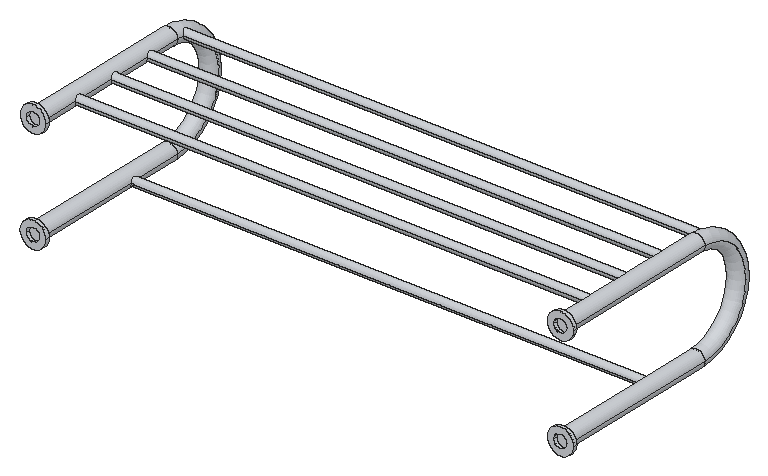
Revit family "AX7113X60_0008", category Appareils sanitaires, Revit 2016
Family settings
  Hôte = Mur
  Type d'élément = Normal
  Cote de connecteur circulaire = Utiliser le diamètre
  Numéro OmniClass = 23.75.00.00
  Titre OmniClass = Climate Control (HVAC)
  Toujours verticalement = Oui
  Couper avec des vides une fois chargée = Non
  Partagée = Non
  Point de calcul de pièce = Non
Parameters (values of type "Type 1")
  URL = "https://www.axeuro.com/fr/porte-serviettes/24088-rack-porte-serviettes-ax7113x60.html?search_query=ax7113x60&results=2"
  Modèle = "AX7113X60, AX7113X60P"  # constant formula
  Fabricant = "Axeuro"  # constant formula
  Description = "Rack + porte-serviettes"  # constant formula
Reference planes
  plane 1 "Mur": y = 0
  plane 2 "Centre (gauche/droite)": x = 0
  plane 3 "Arrière": y = 75
Forms (mm)
  Extrusion 1, solid
    sketch origin (295.5, 75, 0) x (1, 0, 0) y (0, 0, 1)
      loop
        circle (0, 1328.181) r 14.5
      loop
        circle (0, 1328.181) r 7.5
    from -3.7 to 0
  Extrusion 2, solid
    sketch origin (295.5, 75, -116) x (1, 0, 0) y (0, 0, 1)
      loop
        circle (0, 1328.181) r 14.5
      loop
        circle (0, 1328.181) r 7.5
    from -3.7 to 0
  Extrusion 3, solid
    sketch origin (-295.5, 75, 0) x (1, 0, 0) y (0, 0, 1)
      loop
        circle (0, 1328.181) r 14.5
      loop
        circle (0, 1328.181) r 7.5
    from -3.7 to 0
  Extrusion 4, solid
    sketch origin (-295.5, 75, -116) x (1, 0, 0) y (0, 0, 1)
      loop
        circle (0, 1328.181) r 14.5
      loop
        circle (0, 1328.181) r 7.5
    from -3.7 to 0
  Extrusion 5, solid
    sketch origin (295.191, 56.599, -116) x (0, 1, 0) y (0, 0, 1)
      loop
        circle (148.006, 1328.181) r 4.9
    from -586.736 to 0
  Extrusion 6, solid
    sketch origin (295.191, 129.831, 0) x (0, 1, 0) y (0, 0, 1)
      loop
        circle (148.006, 1328.181) r 4.9
    from -586.736 to 0
  Extrusion 7, solid
    sketch origin (295.191, 78.831, 0) x (0, 1, 0) y (0, 0, 1)
      loop
        circle (148.006, 1328.181) r 4.9
    from -586.736 to 0
  Extrusion 8, solid
    sketch origin (295.191, 28.831, 0) x (0, 1, 0) y (0, 0, 1)
      loop
        circle (148.006, 1328.181) r 4.9
    from -586.736 to 0
  Extrusion 9, solid
    sketch origin (295.191, -21.669, 0) x (0, 1, 0) y (0, 0, 1)
      loop
        circle (148.006, 1328.181) r 4.9
    from -586.736 to 0
  Sweep 10, solid
    path origin (295.5, 1.7, 0) x (0, 1, 0) y (0, 0, 1)
      loop
        line (77, 1328.181) -> (262.856, 1328.181)
        arc (262.856, 1328.181) -> (320.856, 1270.181) -> (262.856, 1212.181) r 58
        line (262.856, 1212.181) -> (77, 1212.181)
    profile origin (295.5, 171.628, 1328.181) x (0, 0, 1) y (1, 0, 0)
      loop
        circle (0, 0) r 9.5
  Sweep 11, solid
    path origin (-295.5, 1.7, 0) x (0, 1, 0) y (0, 0, -1)
      loop
        line (77, -1328.181) -> (262.856, -1328.181)
        arc (262.856, -1328.181) -> (320.856, -1270.181) -> (262.856, -1212.181) r 58
        line (262.856, -1212.181) -> (77, -1212.181)
    profile origin (-295.5, 171.628, 1328.181) x (0, 0, -1) y (-1, 0, 0)
      loop
        circle (0, 0) r 9.5
Cuts and joins
  joined: Extrusion 1, Extrusion 2, Extrusion 3, Extrusion 4, Extrusion 5, Extrusion 6, Extrusion 7, Extrusion 8, Extrusion 9, Sweep 10, Sweep 11
Lines and regions (mm)
  reference lines
    curve 1: line (0.309, 277.747, 0) -> (0.309, 280.445, 0)
Text (mm)
  text "Côté de la mise en place" at (-1820.995, 1116.779, 0), in view "Niveau de réf."
  text "Côté de la mise en place" at (0, 1334.055, 2976.191), in view "Gauche"
  text "Côté de la mise en place" at (0, 439.194, 2944.362), in view "Droite"
Dimensions and locks
  locked: plane 3 "Arrière" to host wall
  aligned and locked: plane 1 "Mur" to host wall
